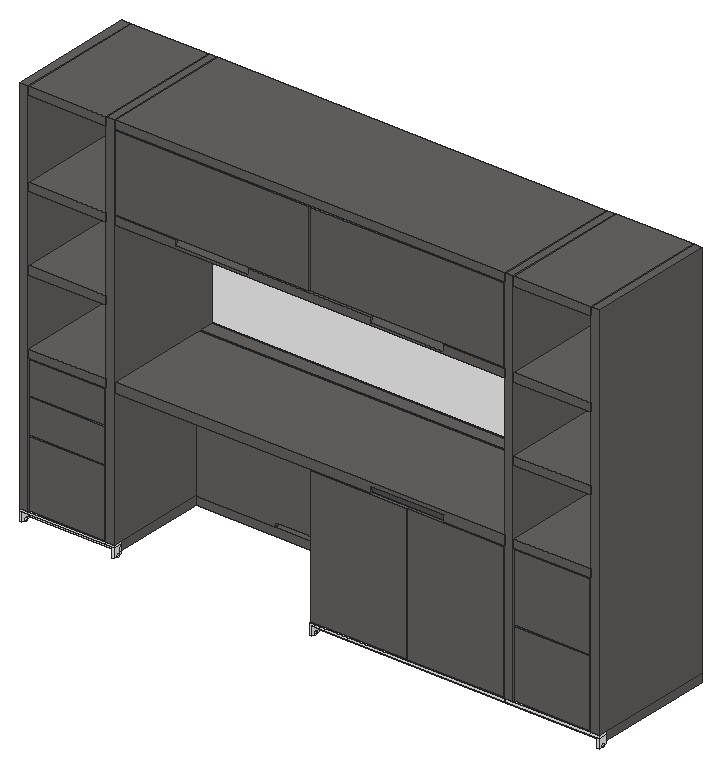
Revit family "Storage-Wall-Teknion-ZXOS_74_High_With_Lights-R2011", category Furniture Systems, Revit 2013
Parameters (values of type "(See Type Catalog)")
  Working Wall Finish [instance] = Glass - Teknion - K6 - White Backpainted
  Width = 108 105/128"
  Warranty = "http://www.teknionstudio.com/pdfs/Teknion%20Studio%20Warranty.pdf"
  Wall Unit Finish [instance] = Veneer - Teknion - P7 - Grey Oak
  Voltage = 120 V
  Unit Weight = 740.00 lbf
  URL = "www.teknionstudio.com"
  Tabletop Cutout Offset = if(Has Double Doors, 0", 4")  # 0"
  Right Storage Tower = Storage-Unit-Teknion-Tower : Upper Shelves & File/File Pedestal
  Left Storage Tower = Storage-Unit-Teknion-Tower : Upper Shelves & Box/Box/File Pedestal
  Series = "B&B Italia"
  Product Page URL = "http://www.teknionstudio.com/acexecutive/"
  Product Line = "AC Executive"
  Product Documentation Link = "http://www.teknionstudio.com/pricing/ac_executive_storage_walls_ppg.pdf"
  Power Factor = 1
  Part Number = "ZXOS"
  Number of Poles = 1
  Model = ""
  Manufacturer Phone = "919-464-2920"
  Manufacturer Fax = "919-464-2927"
  Manufacturer Email = "customersupport@teknionstudio.com"
  Manufacturer Address = "3940 US 70 Business HWY West, Clayton, NC 27520"
  Manufacturer = "Teknion Studio"  # constant formula
  Low Emitting Material = yes
  Low Emitting Finish = yes
  Height = 73.81394"
  Has File File Drawers = not(Has Double Doors)  # no
  Has Double Doors = yes
  Description = ""
  Depth = 24"
  Assembly Code = "E2020200"
  Apparent Load = 22.8 VA
Reference planes (in)
  plane 1 "Center F/B": y = 0
  plane 2: z = 0
  plane 3 "Back": y = 12
  plane 4 "Front": y = -12
  plane 5 "Top": z = 73.81394
  plane 6: x = 28.60504
  plane 7: z = 29.68402
  plane 8: z = 56.1289
  plane 9: x = -44.78207
  plane 10: z = 2.1289
  plane 11 "Center (L/R)": x = -8.08858
  plane 12 "Foot Centerline": y = -11.2126
  plane 13 "Tabletop Cutout": y = -12
  plane 14 "Foot Centerline Front": y = -10.22835
  plane 15 "Foot Centerline Back": y = 10.22835
  plane 16: y = -8.484
  plane 17 "Left": x = -62.49874
  plane 18 "Center": x = -16.17717
  plane 19 "Right": x = 46.32157
Forms (in)
  Sweep 1, solid, material "Metal - Teknion - C6 - Chrome"
    path origin (0, 0, 0) x (1, 0, 0) y (0, 0, 1)
      loop
        line (-8.08858, 0.05803) -> (-8.08858, 2.1289) -> (28.60504, 2.1289)
    profile origin (10.25823, 0, 2.1289) x (0, 0, 1) y (0, -1, 0)
      loop
        line (0, 12) -> (-0.394, 12) -> (-0.394, 10.4252) -> (0, 10.4252) -> (0, 12)
  Sweep 2, solid, material "Metal - Teknion - C6 - Chrome"
    path origin (0, 0, 0) x (1, 0, 0) y (0, 0, 1)
      loop
        line (-8.08858, 2.1289) -> (28.60504, 2.1289)
    profile origin (10.25823, 0, 2.1289) x (0, 0, 1) y (0, -1, 0)
      loop
        line (-0.394, 10.6222) -> (-1.5748, 10.6222) -> (-1.5748, 10.4252) -> (-0.394, 10.4252) -> (-0.394, 10.6222)
  Revolve 3, solid, material "Metal - Teknion - C6 - Chrome"
    sketch origin (0.39385, -11.2126, 0) x (0, 0, -1) y (1, 0, 0)
      loop
        line (-0.4911, -8.28543) -> (-0.4911, -8.62008) -> (-0.45173, -8.65945) -> (-0.28492, -8.65945) -> (-0.24555, -8.62008) -> (-0.20618, -8.65945) -> (-0.03937, -8.65945) -> (0, -8.62008) -> (0, -8.28543) -> (-0.4911, -8.28543)
      axis (0, -8.28543) -> (-0.4911, -8.28543)
    angle from 0 to 360
  Sweep 4, solid, material "Veneer - Teknion - P7 - Grey Oak" <- "Wall Unit Finish"
    path origin (0, 0, 0) x (1, 0, 0) y (0, 0, 1)
      loop
        line (-44.78207, 29.68402) -> (28.60504, 29.68402)
    profile origin (-8.08852, 0, 29.68402) x (0, 0, 1) y (0, -1, 0)
      loop
        line (0, 12) -> (-1.7638, 12) -> (-1.7638, -7.11393) -> (-5.30827, -7.11393) -> (-5.30827, -7.08268) -> (-27.55512, -7.08268) -> (-27.55512, -7.11393) -> (-29.0945, -7.11393) -> (-29.0945, -12) -> (-27.55512, -12) -> (-27.55512, -7.80668) -> (-5.30828, -7.80668) -> (-5.30828, -12) -> (44.12992, -12) -> (44.12992, 12) -> (42.59022, 12) -> (42.59022, 11.2126) -> (27.98392, 11.2126) -> (27.98392, 12) -> (26.44488, 12) -> (26.44488, -10.94094) -> (0, -10.94094) -> (0, -10.90969) -> (-0.72441, -10.90969) -> (-0.72441, -10.56693) -> (0, -10.56693) -> (0, -8.05709) -> (-0.72441, -8.05709) -> (-0.72441, -7.80709) -> (0, -7.80709) -> (0, 12)
  Sweep 5, solid, material "Veneer - Teknion - P7 - Grey Oak" <- "Wall Unit Finish"
    path origin (0, 0, 0) x (1, 0, 0) y (0, 0, 1)
      loop
        line (-8.08858, 29.68402) -> (28.60504, 29.68402)
    profile origin (10.25823, 0, 29.68402) x (0, 0, 1) y (0, -1, 0)
      loop
        line (-1.7638, 11.27559) -> (-27.55512, 11.27559) -> (-27.55512, 10.4252) -> (-29.0945, 10.4252) -> (-29.0945, -12) -> (-1.7638, -12) -> (-1.7638, 11.27559)
  Sweep 6, solid, material "Veneer - Teknion - P7 - Grey Oak" <- "Wall Unit Finish"
    path origin (0, 0, 15.40683) x (-1, 0, 0) y (0, -1, 0)
      loop
        line (16.17717, 12) -> (16.17717, 11.276)
    profile origin (-16.17717, -11.638, 15.40683) x (-1, 0, 0) y (0, 0, 1)
      loop
        line (28.35376, 42.5111) -> (28.35376, 56.6174) -> (-7.96416, 56.6174) -> (-7.96416, 42.5111) -> (28.35376, 42.5111)
      loop
        line (-8.21416, 56.6174) -> (-44.5322, 56.6174) -> (-44.5322, 42.5111) -> (-8.21416, 42.5111) -> (-8.21416, 56.6174)
  Sweep 7, solid, material "Veneer - Teknion - P7 - Grey Oak" <- "Wall Unit Finish", visible <- "Has Double Doors"
    path origin (0, 0, 15.40683) x (-1, 0, 0) y (0, -1, 0)
      loop
        line (16.17717, 12) -> (16.17717, 11.276)
    profile origin (-16.17717, -11.638, 15.40683) x (-1, 0, 0) y (0, 0, 1)
      loop
        line (-44.5315, 12.26339) -> (-44.5315, -13.03482) -> (-26.54031, -13.03482) -> (-26.54031, 12.26339) -> (-44.5315, 12.26339)
      loop
        line (-26.29031, 12.26339) -> (-26.29031, -13.03482) -> (-8.33858, -13.03482) -> (-8.33858, 12.26339) -> (-26.29031, 12.26339)
  Sweep 8, solid, material "Veneer - Teknion - P7 - Grey Oak" <- "Wall Unit Finish", visible <- "Has File File Drawers"
    path origin (0, 0, 15.40683) x (-1, 0, 0) y (0, -1, 0)
      loop
        line (16.17717, 12) -> (16.17717, 11.276)
    profile origin (-16.17717, -11.638, 15.40683) x (-1, 0, 0) y (0, 0, 1)
      loop
        line (-44.5315, 12.26339) -> (-44.5315, 0.01144) -> (-8.33858, 0.01144) -> (-8.33858, 12.26339) -> (-44.5315, 12.26339)
      loop
        line (-8.33858, -0.77597) -> (-44.5315, -0.77597) -> (-44.5315, -13.03482) -> (-8.33858, -13.03482) -> (-8.33858, -0.77597)
  Sweep 9, void
    path origin (0, 0, 0) x (1, 0, 0) y (0, 0, 1)
      loop
        line (3.34896, 29.68402) -> (17.12848, 29.68402)
    profile origin (10.23872, 0, 29.68402) x (0, 0, 1) y (0, -1, 0)
      loop
        line (-1.7638, 12) -> (-1.7638, 11.52756) -> (-0.66143, 12) -> (-1.7638, 12)
  Sweep 10, void
    path origin (0, 0, 0) x (1, 0, 0) y (0, 0, 1)
      loop
        line (-33.3248, 56.1289) -> (-19.54528, 56.1289)
    profile origin (-26.43504, 0, 56.1289) x (0, 0, 1) y (0, -1, 0)
      loop
        line (1.53937, 12) -> (0.43699, 12) -> (1.53937, 11.52755) -> (1.53937, 12)
  Sweep 11, void
    path origin (0, 0, 0) x (1, 0, 0) y (0, 0, 1)
      loop
        line (3.36811, 56.1289) -> (17.14764, 56.1289)
    profile origin (10.25787, 0, 56.1289) x (0, 0, 1) y (0, -1, 0)
      loop
        line (1.53937, 11.52755) -> (1.53937, 12) -> (0.43699, 12) -> (1.53937, 11.52755)
  Sweep 12, void
    path origin (0, 0, 15.40683) x (-1, 0, 0) y (0, -1, 0)
      loop
        line (0, -7.80668) -> (0, -7.08268)
    profile origin (0, 7.44468, 15.40683) x (1, 0, 0) y (0, 0, 1)
      loop
        line (-29.86024, 8.96892) -> (-29.86024, 8.10396)
        arc (-29.86024, 8.10396) -> (-29.62961, 7.54718) -> (-29.07283, 7.31655) r 0.7874
        line (-29.07283, 7.31655) -> (-23.75787, 7.31655)
        arc (-23.75787, 7.31655) -> (-23.2011, 7.54718) -> (-22.97047, 8.10396) r 0.7874
        line (-22.97047, 8.10396) -> (-22.97047, 8.96892) -> (-29.86024, 8.96892)
      loop
        line (-22.97047, -13.27793) -> (-22.97047, -13.12045)
        arc (-22.97047, -13.12045) -> (-23.18957, -12.59152) -> (-23.7185, -12.37242) r 0.74803
        line (-23.7185, -12.37242) -> (-29.1122, -12.37242)
        arc (-29.1122, -12.37242) -> (-29.64114, -12.59152) -> (-29.86024, -13.12045) r 0.74803
        line (-29.86024, -13.12045) -> (-29.86024, -13.27793) -> (-22.97047, -13.27793)
Cuts and joins
  joined: Sweep 1, Sweep 2, Revolve 3
  Sweep 9, Sweep 10, Sweep 11, Sweep 12 cuts Sweep 4
  joined: Sweep 4, Sweep 5
Lines and regions (in)
  Masking region 1
    outline origin (0, 0, 15.40683) x (-1, 0, 0) y (0, -1, 0)
      loop
        line (44.78207, -12) -> (44.78207, 12) -> (-28.60504, 12) -> (-28.60504, -12) -> (44.78207, -12)
  symbolic lines, style "Elevation Swing"
    curve 1: line (-44.78207, -12, 57.66827) -> (-26.43533, -12, 72.02424)
    curve 2: line (-8.08858, -12, 57.66832) -> (-26.43533, -12, 72.02424)
    curve 3: line (-8.08858, 0, 57.66832) -> (10.25823, 0, 72.19583)
    curve 4: line (10.25823, 0, 72.19583) -> (28.60504, 0, 57.66827)
  symbolic lines, style "Elevation Swing", visible <- "Has Double Doors"
    curve 5: line (10.11315, 0, 27.67022) -> (-7.83858, 0, 15.02111)
    curve 6: line (-7.83858, 0, 15.02111) -> (10.11315, 0, 2.37201)
    curve 7: line (10.36315, 0, 2.37201) -> (28.3549, 0, 15.02456)
    curve 8: line (28.3549, 0, 15.02456) -> (10.36315, 0, 27.67022)
  symbolic lines, detail levels medium+fine
    curve 9: line (-8.08858, 12, 15.40683) -> (-8.08858, -12, 15.40683)
  symbolic lines, style "FurnitureSystemsHiddenLines", detail levels fine
    curve 10: line (28.6049, -11.276, 15.40683) -> (-8.08858, -11.276, 15.40683)
    curve 15: line (28.6049, 12, 15.40683) -> (28.6049, -12, 15.40683)
  symbolic lines, visible <- "Has Double Doors"
    curve 11: arc (10.25823, -12, 15.40683) -> (15.63184, -24.97306, 15.40683) -> (28.6049, -30.34668, 15.40683) r 18.34668
    curve 12: line (-8.08858, -12, 15.40683) -> (-8.08858, -30.34681, 15.40683)
    curve 13: line (28.6049, -12, 15.40683) -> (28.6049, -30.34668, 15.40683)
    curve 14: arc (-8.08858, -30.34681, 15.40683) -> (4.88457, -24.97315, 15.40683) -> (10.25823, -12, 15.40683) r 18.34681
Dimensions and locks (in)
  equal spacing: plane 3 "Back", plane 1 "Center F/B", plane 4 "Front"
  "Depth": plane 3 "Back" to plane 4 "Front"
  "Height": plane 5 "Top" to plane 2
  locked: plane 7 to plane 2 at 29.68402
  locked: plane 8 to plane 7 at 26.44488
  locked: plane 10 to plane 2 at 2.1289
  locked: plane 10 to Sweep 2 sketch curve at 0.394
  locked: Sweep 2 sketch curve to Sweep 2 sketch curve at 1.1808
  plane 4 "Front" to Sweep 2 sketch curve to Sweep 2 sketch curve = 1.3778" locked, 0.197" locked
  locked: Revolve 3 sketch curve to plane 2 at 0.4911
  plane 11 "Center (L/R)" to Revolve 3 sketch curve = 0.17702"  (x2)
  Revolve 3 sketch curve to Revolve 3 sketch curve to Revolve 3 sketch curve to Revolve 3 sketch curve to Revolve 3 sketch curve to plane 2 = 0.16681" locked, 0.03937" locked, 0.03937" locked, 0.16681" locked, 0.03937" locked
  Revolve 3 sketch curve to plane 11 "Center (L/R)" = 0.197"
  locked: plane 4 "Front" to plane 12 "Foot Centerline" at 0.7874
  locked: plane 10 to Sweep 4 sketch curve at 1.53939
  locked: plane 7 to Sweep 4 sketch curve at 1.7638
  Sweep 5 sketch curve to Sweep 5 sketch curve to plane 3 "Back" = 23.27559", 0"
  locked: plane 7 to Sweep 5 sketch curve at 1.7638
  locked: plane 4 "Front" to Sweep 5 sketch curve at 1.5748
  locked: plane 4 "Front" to Sweep 6 sketch curve at 0.724
  plane 5 "Top" to Sweep 6 sketch curve to Sweep 6 sketch curve = 1.7897" locked, 14.1063" locked  (x2)
  Sweep 6 sketch curve to Sweep 6 sketch curve to Sweep 6 sketch curve to Sweep 6 sketch curve = 36.31805", 1/4", 36.31791"
  locked: plane 4 "Front" to Sweep 7 sketch curve at 0.724
  locked: plane 4 "Front" to Sweep 8 sketch curve at 0.724
  locked: Sweep 9 sketch curve to Sweep 9 sketch curve at 13.77953
  locked: plane 7 to Sweep 9 sketch curve at 1.7638
  locked: plane 13 "Tabletop Cutout" to Sweep 9 sketch curve at 0.47244
  "Tabletop Cutout Offset": plane 13 "Tabletop Cutout" to plane 4 "Front"
  locked: Sweep 10 sketch curve to Sweep 10 sketch curve at 13.77953
  locked: Sweep 10 sketch curve to plane 8 at 1.53937
  locked: Sweep 10 sketch curve to plane 8 at 0.43699
  locked: plane 4 "Front" to Sweep 10 sketch curve at 0.47245
  Sweep 11 sketch curve to Sweep 11 sketch curve to plane 8 = 1.10238" locked, 0.43699" locked
  locked: plane 4 "Front" to Sweep 11 sketch curve at 0.47245
  plane 3 "Back" to Sweep 12 sketch curve to Sweep 12 sketch curve = 4.19332" locked, 0.724" locked
  equal spacing: plane 11 "Center (L/R)", curve 2, plane 9
  equal spacing: plane 6, curve 4, plane 11 "Center (L/R)"
  locked: plane 4 "Front" to curve 10 at 0.724
  locked: plane 3 "Back" to plane 15 "Foot Centerline Back" at 1.77165
  locked: plane 4 "Front" to plane 14 "Foot Centerline Front" at 1.77165
  locked: plane 4 "Front" to plane 16 at 3.516
  locked: plane 17 "Left" to plane 9 at 17.71667
  locked: Sweep 7 sketch curve to Sweep 7 sketch curve at 25.29821  (x2)
  Sweep 7 sketch curve to Sweep 7 sketch curve to Sweep 7 sketch curve to Sweep 7 sketch curve = 17.95173" locked, 1/4" locked, 17.99118" locked
  Sweep 8 sketch curve to Sweep 8 sketch curve to Sweep 8 sketch curve to Sweep 8 sketch curve = 12.25195" locked, 0.7874" locked, 12.25886" locked
  locked: Sweep 8 sketch curve to Sweep 8 sketch curve at 36.19291  (x2)
  equal spacing: curve 12, curve 14, plane 6
  locked: Sweep 12 sketch curve to Sweep 12 sketch curve at 6.88976  (x2)
  locked: Sweep 12 sketch curve to Sweep 12 sketch curve at 1.65236
  locked: Sweep 1 sketch curve to plane 2 at 0.05803
  locked: plane 6 to Sweep 9 sketch curve at 11.47655
  locked: plane 11 "Center (L/R)" to Sweep 10 sketch curve at 11.45669
  Sweep 11 sketch curve to Sweep 11 sketch curve to plane 11 "Center (L/R)" = 13.77953" locked, 11.45669" locked
  locked: Sweep 12 sketch curve to plane 11 "Center (L/R)" at 14.88189
  locked: plane 11 "Center (L/R)" to Sweep 12 sketch curve at 14.88189
  locked: plane 11 "Center (L/R)" to Sweep 8 sketch curve at 0.25
  locked: Sweep 8 sketch curve to plane 11 "Center (L/R)" at 0.25
  locked: plane 7 to Sweep 8 sketch curve at 2.0138
  locked: Sweep 7 sketch curve to plane 11 "Center (L/R)" at 0.25
  locked: plane 7 to Sweep 7 sketch curve at 2.0138  (x2)
  locked: plane 18 "Center" to plane 11 "Center (L/R)" at 8.08858
  locked: Sweep 6 sketch curve to plane 6 at 0.25
  locked: Revolve 3 sketch curve to plane 11 "Center (L/R)" at 0.197
  locked: plane 6 to plane 19 "Right" at 17.71654
  "Width": plane 17 "Left" to plane 19 "Right"
  equal spacing: plane 17 "Left", plane 11 "Center (L/R)", plane 19 "Right"
  aligned and locked: level to plane 2
  aligned and locked: Sweep 1 sketch curve to plane 10  (x2)
  aligned and locked: Sweep 1 sketch curve to plane 4 "Front"
  aligned and locked: Sweep 2 sketch curve to plane 10
  aligned and locked: plane 2 to Revolve 3 sketch curve
  aligned and locked: Revolve 3 sketch curve to plane 2
  aligned and locked: plane 9 to Sweep 4 sketch curve
  aligned and locked: plane 6 to Sweep 4 sketch curve
  aligned and locked: Sweep 4 sketch curve to plane 7  (x4)
  aligned and locked: Sweep 4 sketch curve to plane 4 "Front"
  aligned and locked: plane 3 "Back" to Sweep 4 sketch curve  (x2)
  aligned and locked: Sweep 5 sketch curve to plane 7
  aligned and locked: plane 10 to Sweep 5 sketch curve
  aligned and locked: plane 4 "Front" to Sweep 6 sketch curve
  aligned and locked: Sweep 4 sketch curve to plane 8
  aligned and locked: plane 4 "Front" to Sweep 7 sketch curve
  aligned and locked: plane 4 "Front" to Sweep 8 sketch curve
  aligned and locked: Sweep 9 sketch curve to plane 7
  aligned and locked: plane 13 "Tabletop Cutout" to Sweep 9 sketch curve
  aligned and locked: Sweep 10 sketch curve to plane 8
  aligned and locked: Sweep 11 sketch curve to plane 8
  aligned and locked: Sweep 11 sketch curve to plane 4 "Front"
  aligned and locked: plane 9 to curve 1
  aligned and locked: plane 11 "Center (L/R)" to curve 2
  aligned and locked: Sweep 6 to curve 2
  aligned and locked: plane 6 to curve 4
  aligned and locked: Masking region 1 sketch curve to plane 3 "Back"
  aligned and locked: Masking region 1 sketch curve to plane 4 "Front"
  aligned and locked: plane 3 "Back" to curve 9
  aligned and locked: plane 4 "Front" to curve 9
  aligned and locked: plane 3 "Back" to curve 15
  aligned and locked: plane 4 "Front" to curve 15
  aligned and locked: plane 4 "Front" to Sweep 10 sketch curve
  aligned and locked: Sweep 4 sketch curve to plane 5 "Top"
  aligned and locked: plane 12 "Foot Centerline" to Sweep 4 sketch curve
  aligned and locked: plane 4 "Front" to Sweep 4 sketch curve  (x2)
  aligned and locked: plane 4 "Front" to curve 14
  aligned: plane 8 to nested 1
  aligned: plane 11 "Center (L/R)" to nested 1
  aligned and locked: nested 1 to plane 16
  aligned and locked: plane 8 to nested 1
  aligned and locked: plane 11 "Center (L/R)" to nested 1
  aligned and locked: Sweep 1 sketch curve to plane 11 "Center (L/R)"
  aligned and locked: plane 11 "Center (L/R)" to Sweep 2 sketch curve
  aligned and locked: plane 10 to Sweep 12 sketch curve
  aligned and locked: plane 9 to Masking region 1 sketch curve
  aligned and locked: Sweep 7 sketch curve to plane 18 "Center"
  aligned and locked: plane 1 "Center F/B" to Sweep 5 sketch curve
  aligned and locked: plane 11 "Center (L/R)" to Sweep 5 sketch curve
  aligned and locked: plane 6 to Sweep 5 sketch curve
  aligned and locked: Sweep 8 sketch curve to plane 18 "Center"
  aligned and locked: Sweep 6 sketch curve to plane 18 "Center"
  aligned and locked: nested 2 to plane 2
  aligned and locked: Sweep 7 to curve 7
  aligned and locked: curve 6 to Sweep 7
  aligned and locked: curve 8 to Sweep 7
  aligned and locked: Sweep 7 to curve 5
  aligned and locked: Sweep 7 to Sweep 7  (x3)
  aligned and locked: Sweep 7 to curve 6
  aligned and locked: curve 7 to Sweep 7
  aligned and locked: Sweep 7 to curve 8
  aligned and locked: Revolve 3 sketch curve to Revolve 3 sketch curve
  aligned and locked: plane 9 to nested 2
  aligned and locked: nested 2 to plane 1 "Center F/B"
  aligned and locked: Masking region 1 sketch curve to plane 6
  aligned and locked: plane 1 "Center F/B" to nested 3
  aligned and locked: nested 3 to plane 6
  aligned and locked: plane 2 to nested 3
  aligned and locked: plane 6 to Sweep 1 sketch curve
  aligned and locked: plane 6 to Sweep 2 sketch curve
  aligned and locked: plane 10 to Sweep 4 sketch curve
Automatic sketch dimensions
  curve 9 to plane 11 "Center (L/R)" = 0"
  curve 11 to plane 6 = 0.00013"
  curve 11 to curve 14 = 0"
  plane 8 to curve 2 = 1.53942"
  plane 8 to curve 1 = 1.53937"
  profile plane to Sweep 1 sketch curve = 0.394"
  Sweep 1 sketch curve to Sweep 1 sketch curve = 1.5748"
  Sweep 5 sketch curve to plane 11 "Center (L/R)" = 0"
  Sweep 5 sketch curve to plane 6 = 0"
  Sweep 5 sketch curve to Sweep 5 sketch curve = 1.53939"
  profile plane to Sweep 9 sketch curve = 0.66143"
  profile plane to Sweep 12 sketch curve = 8.96892"
  Sweep 12 sketch curve to Sweep 12 sketch curve = 0.74803"  (x2)
  Sweep 12 sketch curve to Sweep 12 sketch curve = 0.7874"  (x2)
  Sweep 12 sketch curve to Sweep 12 sketch curve = 0.15748"
  plane 11 "Center (L/R)" to Sweep 12 sketch curve = 8.08858"
  curve 3 to plane 11 "Center (L/R)" = 0"
  curve 8 to plane 6 = 0.25013"
  curve 8 to curve 5 = 0"
  plane 10 to curve 8 = 12.89566"
  plane 10 to curve 6 = 12.89222"
  plane 10 to curve 6 = 0.24311"
  plane 8 to curve 4 = 1.53937"
  plane 8 to curve 3 = 1.53942"
  curve 3 to plane 5 "Top" = 1.61811"
  Revolve 3 sketch curve to Revolve 3 sketch curve = 0.4777"
  Revolve 3 sketch curve to Revolve 3 sketch curve = 0.03937"  (x2)
  Sweep 4 sketch curve to Sweep 4 sketch curve = 0"  (x2)
  profile plane to Sweep 4 sketch curve = 5.30828"
  profile plane to Sweep 4 sketch curve = 0.72441"  (x2)
  Sweep 4 sketch curve to Sweep 4 sketch curve = 1.53904"
  Sweep 4 sketch curve to Sweep 4 sketch curve = 1.5397"
  Sweep 4 sketch curve to Sweep 4 sketch curve = 1.05906"
  Sweep 4 sketch curve to Sweep 4 sketch curve = 1/32"  (x2)
  Sweep 4 sketch curve to Sweep 4 sketch curve = 0.34277"
  Sweep 4 sketch curve to Sweep 4 sketch curve = 2.50984"
  Sweep 4 sketch curve to Sweep 4 sketch curve = 1/4"
  Sweep 4 sketch curve to Sweep 4 sketch curve = 4.19332"
  Sweep 4 sketch curve to Sweep 4 sketch curve = 4.88607"
  Sweep 4 sketch curve to Sweep 4 sketch curve = 0.69316"
Nested families (in)
  nested 1: "Lighting-Teknion-Storage_Wall" at (-8.08858, 0.12401, 56.1289), type "Linear Lighting"
  nested 2: "Storage-Unit-Teknion-Tower" at (-53.64034, 0, 0) x (-1, 0, 0) z (0, 0, 1), type <- "Left Storage Tower", Height <- "Height", type "Upper Shelves & Box/Box/File Pedestal"
    with Height 73.81394", Has Top Shelf no, Has Right Leg yes, Has Left Leg yes, Bottom Drawer Height 13.047"
  nested 3: "Storage-Unit-Teknion-Tower" at (37.46331, 0, 0), type <- "Right Storage Tower", Height <- "Height", type "Upper Shelves & File/File Pedestal"
    with Height 73.81394", Has Top Shelf no, Has Right Leg yes, Has Left Leg no, Bottom Drawer Height 13.047"
Connectors (in)
  electrical at (-17.26192, 12, 25.22702), driven by "Number of Poles", driven by "Voltage", driven by "Apparent Load", driven by "Power Factor"
    settings: on cut or joined group of Sweep 4, Sweep 5, Sweep 9, Sweep 10, Sweep 11, Sweep 12, index 1, voltage 120 V, apparent load 0 VA, apparent load phase1 22.8 VA, apparent load phase2 0 VA, apparent load phase3 0 VA, power factor 1, load classification "Other", number of poles 1, system type 31, power factor state 1, is connector primary yes, connector utility no, sub classification motor no, connector description "Electrical Connector"
Definition of nested family "Lighting-Teknion-Storage_Wall"
  Parameters (values of type "Lighting-Teknion-Storage_Wall")
    Wattage = 4.03926 W
    built-in parameter 1150110 = 1 (stored number, unit not read)
    built-in parameter 1114217 = 1 (stored number, unit not read)
    built-in parameter 1150109 = 1 (stored number, unit not read)
    built-in parameter 1150134 = 1
    built-in parameter 1150113 = 1 (stored number, unit not read)
    Offset From Reference Level = 0"
    Lumens = 600 lm
    built-in parameter 1150115 = 1 (stored number, unit not read)
    built-in parameter 1150105 = 190.99 (stored number, unit not read)
    Light Source Symbol Size = 3"
    built-in parameter 1150137 = (empty or 0)
    built-in parameter 1150139 = (empty or 0)
    built-in parameter 1150112 = 1 (stored number, unit not read)
    built-in parameter 1150114 = 1 (stored number, unit not read)
    built-in parameter 1150132 = 2
    built-in parameter 1150102 = (empty or 0)
    built-in parameter 1150138 = (empty or 0)
    built-in parameter 1150107 = 6500 (stored number, unit not read)
    built-in parameter 1150106 = 1.9099 (stored number, unit not read)
    Emit from Line Length = 68"
    built-in parameter 1150104 = 13.8 (stored number, unit not read)
    Dimming Lamp Color Temperature Shift = 1
    Default Elevation = 48"
    Color Filter = 16776172
    built-in parameter 1114218 = 1 (stored number, unit not read)
    built-in parameter 1150133 = 10 (stored number, unit not read)
    Assembly Code = ""
  Reference planes (in)
    plane 1 "Light Source Axis (F/B)": y = -8.60801
    plane 2: z = 0
    plane 3 "Light Source Axis (L/R)": x = 0
    plane 4 "Light Source Elevation": z = 0
    plane 5: z = 0
    plane 6: x = -36.6875
    plane 7: x = 36.6875
  Forms (in)
    Sweep 1, solid, material "Glass - Teknion - CL - Clear"
      path origin (0, 0, 0) x (1, 0, 0) y (0, 1, 0)
        loop
          line (-36.6875, -8.60801) -> (36.6875, -8.60801)
      profile origin (0, -8.60801, 0) x (0, 1, 0) y (0, 0, 1)
        loop
          line (-0.51562, 0) -> (-0.51562, -0.40625) -> (0.51563, -0.40625) -> (0.51563, 0) -> (-0.51562, 0)
  Dimensions and locks (in)
    equal spacing: plane 7, plane 3 "Light Source Axis (L/R)", plane 6
    locked: plane 7 to plane 6 at 73.375
    locked: plane 5 to Sweep 1 sketch curve at 0.40625
    equal spacing: Sweep 1 sketch curve, plane 1 "Light Source Axis (F/B)", Sweep 1 sketch curve
    locked: Sweep 1 sketch curve to Sweep 1 sketch curve at 1.03125
    aligned and locked: plane 3 "Light Source Axis (L/R)" to imposter light
    aligned and locked: plane 1 "Light Source Axis (F/B)" to imposter light
    aligned and locked: plane 4 "Light Source Elevation" to imposter light
    aligned and locked: level to plane 5
    aligned and locked: plane 5 to plane 2
    aligned and locked: plane 6 to Sweep 1 sketch curve
    aligned and locked: plane 7 to Sweep 1 sketch curve
    aligned and locked: plane 1 "Light Source Axis (F/B)" to Sweep 1 sketch curve
    aligned and locked: Sweep 1 sketch curve to profile plane
Definition of nested family "Storage-Unit-Teknion-Tower"
  Parameters (values of type "Upper Wardrobe & Lower Door")
    Width = 17.71654"
    Warranty = "http://www.teknionstudio.com/pdfs/Teknion%20Studio%20Warranty.pdf"
    Wall Unit Finish = Veneer - Teknion - P8 - Light Brushed Oak
    URL = "www.teknionstudio.com"
    Series = "B&B Italia"  # constant formula
    Product Line = "AC Executive"  # constant formula
    Model = ""
    Middle Drawer Height = if(Has Top Drawer, 6.425", 12.719")  # 12.719"
    Manufacturer Phone = "919-464-2920"
    Manufacturer Fax = "919-464-2927"
    Manufacturer Email = "customersupport@teknionstudio.com"
    Manufacturer Address = "3940 US 70 Business HWY West, Clayton, NC 27520"
    Manufacturer = "Teknion Studio"  # constant formula
    Height [instance] = 73.81394"
    Has Top Shelf [instance] = and(Height > 75", Has Shelves)  # no
    Has Top Drawer = no
    Has Top Door = yes
    Has Shelves = no
    Has Right Leg [instance] = yes
    Has Middle Drawer = no
    Has Lower Shelf = yes
    Has Left Leg [instance] = no
    Has Full Wardrobe Door = no
    Has Doors = yes
    Door Projection Symbol = yes
    Description = "Tower Storage Unit"
    Depth = 24"
    Bottom Drawer Height [instance] = if(Has Middle Drawer, 13.047", if(Has Top Drawer, 13.047", if(Has Full Wardrobe Door, (Height - 3.668"), 26.016")))  # 26.016"
    Assembly Code = "E2010200"
  Types (7): name | Middle Drawer Height | Has Top Drawer | Has Top Door | Has Shelves | Has Middle Drawer | Has Lower Shelf | Has Full Wardrobe Door | Has Doors | Door Projection Symbol | Bottom Drawer Height
    Upper Shelves & Lower Door | 12.719" | no | no | yes | no | yes | no | yes | yes | 26.016"
    Upper Shelves & File/File Pedestal | 12.719" | no | no | yes | yes | yes | no | no | no | 13.047"
    Upper Shelves & Box/Box/File Pedestal | 6.425" | yes | no | yes | yes | yes | yes | no | no | 13.047"
    Full Wardrobe | 12.719" | no | no | no | no | no | yes | yes | yes | 70.14594"
    Upper Wardrobe & Lower Door | 12.719" | no | yes | no | no | yes | no | yes | yes | 26.016"
    Upper Wardrobe & File/File Pedestal | 12.719" | no | yes | no | yes | yes | no | no | yes | 13.047"
    Upper Wardrobe & Box/Box/File Pedestal | 6.425" | yes | yes | no | yes | yes | no | no | yes | 13.047"
  Reference planes (in)
    plane 1 "Center F/B": y = 0
    plane 2: z = 0
    plane 3 "Center L/R": x = 0
    plane 4 "Left": x = -8.85827
    plane 5 "Right": x = 8.85827
    plane 6 "Back": y = 12
    plane 7 "Front": y = -12
    plane 8 "Top": z = 73.81394
    plane 9: x = -7.3189
    plane 10: x = 7.3189
    plane 11: z = 2.1289
    plane 12 "Foot Centerline": y = -11.2126
    plane 13: z = 29.68402
    plane 14 "Drawer 1 Top": z = 28.1449
    plane 15 "Drawer 2 Top": z = 40.8639
    plane 16 "Drawer 3 Top": z = 27.89502
    plane 17: z = 42.13677
  Forms (in)
    Sweep 1, solid, material "Metal - Teknion - C6 - Chrome", visible <- "Has Left Leg"
      path origin (0, -12, 0) x (1, 0, 0) y (0, 0, 1)
        loop
          line (-8.85827, 1.7349) -> (-8.85827, 0.05803)
      profile origin (-8.85827, -12, 0.89646) x (0, -1, 0) y (1, 0, 0)
        loop
          line (-1.5748, 0) -> (0, 0) -> (0, 0.394) -> (-1.5748, 0.394) -> (-1.5748, 0)
    Sweep 2, solid, material "Metal - Teknion - C6 - Chrome"
      path origin (0, -12, 0) x (1, 0, 0) y (0, 0, 1)
        loop
          line (-8.85827, 2.1289) -> (8.46427, 2.1289)
      profile origin (-0.197, -12, 2.1289) x (0, 0, 1) y (0, -1, 0)
        loop
          line (-0.394, -1.5748) -> (-0.394, -1.3778) -> (-1.575, -1.3778) -> (-1.575, -1.5748) -> (-0.394, -1.5748)
    Revolve 3, solid, material "Metal - Teknion - C6 - Chrome"
      sketch origin (0, -11.2126, 0) x (0, 0, -1) y (1, 0, 0)
        loop
          line (-0.4911, 8.32677) -> (-0.45173, 8.2874) -> (-0.28492, 8.2874) -> (-0.24555, 8.32677) -> (-0.20618, 8.2874) -> (-0.03937, 8.2874) -> (0, 8.32677) -> (0, 8.66142) -> (-0.4911, 8.66142) -> (-0.4911, 8.32677)
        axis (0, 8.66142) -> (-0.4911, 8.66142)
      angle from 0 to 360
    Revolve 4, solid, material "Metal - Teknion - C6 - Chrome", visible <- "Has Left Leg"
      sketch origin (0, -11.2126, 0) x (0, 0, -1) y (1, 0, 0)
        loop
          line (0, -8.99606) -> (0, -8.66142) -> (-0.4911, -8.66142) -> (-0.4911, -8.99606) -> (-0.45173, -9.03543) -> (-0.28492, -9.03543) -> (-0.24555, -8.99606) -> (-0.20618, -9.03543) -> (-0.03937, -9.03543) -> (0, -8.99606)
        axis (0, -8.66142) -> (-0.4911, -8.66142)
      angle from 0 to 360
    Sweep 5, solid, material "Veneer - Teknion - P8 - Light Brushed Oak" <- "Wall Unit Finish"
      path origin (0, 0, 0) x (1, 0, 0) y (0, 0, 1)
        loop
          line (0, 2.1289) -> (0, 73.81394)
      profile origin (0, 0, 37.97142) x (-1, 0, 0) y (0, -1, 0)
        loop
          line (8.85827, -12) -> (8.85827, 12) -> (7.3189, 12) -> (7.3189, -12) -> (8.85827, -12)
        loop
          line (-7.3189, 12) -> (-8.85827, 12) -> (-8.85827, -12) -> (-7.3189, -12) -> (-7.3189, 12)
    Sweep 6, solid, material "Veneer - Teknion - P8 - Light Brushed Oak" <- "Wall Unit Finish"
      path origin (0, 0, 15.40683) x (-1, 0, 0) y (0, -1, 0)
        loop
          line (0, -12) -> (0, 12)
      profile origin (0, 0, 15.40683) x (1, 0, 0) y (0, 0, 1)
        loop
          line (-7.3189, 58.4071) -> (-7.3189, 56.86773) -> (7.3189, 56.86773) -> (7.3189, 58.4071) -> (-7.3189, 58.4071)
    Sweep 7, solid, material "Veneer - Teknion - P8 - Light Brushed Oak" <- "Wall Unit Finish"
      path origin (0, -12, 0) x (1, 0, 0) y (0, 0, 1)
        loop
          line (0, 2.1289) -> (0, 72.27457)
      profile origin (0, -12, 37.20173) x (-1, 0, 0) y (0, -1, 0)
        loop
          line (7.3189, -24) -> (7.3189, -23.25) -> (-7.3189, -23.25) -> (-7.3189, -24) -> (7.3189, -24)
    Sweep 8, solid, material "Veneer - Teknion - P8 - Light Brushed Oak" <- "Wall Unit Finish", visible <- "Has Lower Shelf"
      path origin (0, -12, 0) x (1, 0, 0) y (0, 0, 1)
        loop
          line (-7.3189, 29.68402) -> (7.3189, 29.68402)
      profile origin (0, -12, 29.68402) x (0, 0, 1) y (0, -1, 0)
        loop
          line (0, 0) -> (-1.539, 0) -> (-1.539, -0.724) -> (-27.55512, -0.724) -> (-27.55512, -23.25) -> (0, -23.25) -> (0, 0)
    Sweep 9, solid, material "Veneer - Teknion - P8 - Light Brushed Oak" <- "Wall Unit Finish"
      path origin (0, -12, 0) x (1, 0, 0) y (0, 0, 1)
        loop
          line (0, 2.3789) -> (0, 27.8949)
      profile origin (0, -12, 15.1369) x (-1, 0, 0) y (0, -1, 0)
        loop
          line (7.0689, -0.724) -> (7.0689, 0) -> (-7.0689, 0) -> (-7.0689, -0.724) -> (7.0689, -0.724)
    Sweep 10, solid, material "Veneer - Teknion - P8 - Light Brushed Oak" <- "Wall Unit Finish", visible <- "Has Middle Drawer"
      path origin (0, -12, 0) x (1, 0, 0) y (0, 0, 1)
        loop
          line (0, 28.1449) -> (0, 40.8639)
      profile origin (0, -12, 34.5044) x (-1, 0, 0) y (0, -1, 0)
        loop
          line (7.0689, -0.724) -> (7.0689, 0) -> (-7.0689, 0) -> (-7.0689, -0.724) -> (7.0689, -0.724)
    Sweep 11, solid, material "Veneer - Teknion - P8 - Light Brushed Oak" <- "Wall Unit Finish", visible <- "Has Top Drawer"
      path origin (0, -12, 0) x (1, 0, 0) y (0, 0, 1)
        loop
          line (0, 47.15802) -> (0, 41.1139)
      profile origin (0, -12, 44.13596) x (0, -1, 0) y (1, 0, 0)
        loop
          line (0, 7.0689) -> (-0.724, 7.0689) -> (-0.724, -7.0689) -> (0, -7.0689) -> (0, 7.0689)
    Sweep 12, solid, material "Veneer - Teknion - P8 - Light Brushed Oak" <- "Wall Unit Finish", visible <- "Has Shelves"
      path origin (0, -12, 0) x (1, 0, 0) y (0, 0, 1)
        loop
          line (0, 42.13677) -> (0, 43.67614)
      profile origin (0, -12, 42.90646) x (-1, 0, 0) y (0, -1, 0)
        loop
          line (7.3189, -23.25) -> (7.3189, 0) -> (-7.3189, 0) -> (-7.3189, -23.25) -> (7.3189, -23.25)
    Sweep 13, solid, material "Veneer - Teknion - P8 - Light Brushed Oak" <- "Wall Unit Finish", visible <- "Has Shelves"
      path origin (0, -12, 13.9918) x (1, 0, 0) y (0, 0, 1)
        loop
          line (0, 42.13677) -> (0, 43.67614)
      profile origin (0, -12, 56.89825) x (-1, 0, 0) y (0, -1, 0)
        loop
          line (7.3189, -23.25) -> (7.3189, 0) -> (-7.3189, 0) -> (-7.3189, -23.25) -> (7.3189, -23.25)
    Sweep 14, solid, material "Veneer - Teknion - P8 - Light Brushed Oak" <- "Wall Unit Finish", visible <- "Has Top Door"
      path origin (0, -12, 0) x (1, 0, 0) y (0, 0, 1)
        loop
          line (0, 29.93402) -> (0, 72.02457)
      profile origin (0, -12, 50.97929) x (-1, 0, 0) y (0, -1, 0)
        loop
          line (7.0689, -0.724) -> (7.0689, 0) -> (-7.0689, 0) -> (-7.0689, -0.724) -> (7.0689, -0.724)
    Sweep 15, solid, material "Veneer - Teknion - P8 - Light Brushed Oak" <- "Wall Unit Finish"
      path origin (0, -12, 0) x (1, 0, 0) y (0, 0, 1)
        loop
          line (-8.85827, 2.1289) -> (8.85827, 2.1289)
      profile origin (0, -12, 2.1289) x (0, 0, 1) y (0, -1, 0)
        loop
          line (0, -1.5748) -> (-1.53937, -1.5748) -> (-1.53937, -24) -> (0, -24) -> (0, -1.5748)
    Sweep 16, solid, material "Veneer - Teknion - P8 - Light Brushed Oak" <- "Wall Unit Finish", visible <- "Has Top Shelf"
      path origin (0, 0, 0) x (1, 0, 0) y (0, 0, 1)
        loop
          line (0, 73.81394) -> (0, 72.27457)
      profile origin (0, 0, 73.04425) x (0, -1, 0) y (1, 0, 0)
        loop
          line (-11.25, -7.3189) -> (12, -7.3189) -> (12, 7.3189) -> (-11.25, 7.3189) -> (-11.25, -7.3189)
    Sweep 17, solid, material "Metal - Teknion - C6 - Chrome"
      path origin (0, 0, 0) x (1, 0, 0) y (0, 0, 1)
        loop
          line (-8.85827, 2.1289) -> (8.85827, 2.1289)
      profile origin (0, 0, 2.1289) x (0, 0, 1) y (0, -1, 0)
        loop
          line (0, 10.4252) -> (0, 12) -> (-0.394, 12) -> (-0.394, 10.4252) -> (0, 10.4252)
    Sweep 18, solid, material "Metal - Teknion - C6 - Chrome"
      path origin (0, 0, 0) x (1, 0, 0) y (0, 0, 1)
        loop
          line (8.85827, 1.7349) -> (8.85827, 0.05803)
      profile origin (8.85827, 0, 0.89646) x (0, -1, 0) y (1, 0, 0)
        loop
          line (10.4252, -0.394) -> (12, -0.394) -> (12, 0) -> (10.4252, 0) -> (10.4252, -0.394)
  Lines and regions (in)
    Masking region 1
      outline origin (0, 0, 15.40683) x (-1, 0, 0) y (0, -1, 0)
        loop
          line (8.85827, -12) -> (8.85827, 12) -> (-8.85827, 12) -> (-8.85827, -12) -> (8.85827, -12)
    symbolic lines, style "FurnitureSystems", detail levels medium+fine
      curve 1: line (-7.3189, 12, 15.40683) -> (-7.3189, -12, 15.40683)
      curve 2: line (7.3189, 12, 15.40683) -> (7.3189, -12, 15.40683)
    symbolic lines, style "FurnitureSystemsHiddenLines", detail levels fine
      curve 3: line (-7.3189, -11.276, 15.40683) -> (7.3189, -11.276, 15.40683)
    symbolic lines, style "Elevation Swing", visible <- "Has Doors"
      curve 4: line (-7.3189, -12, 2.1289) -> (7.3189, -12, 15.1369)
      curve 5: line (7.3189, -12, 15.1369) -> (-7.3189, -12, 28.1449)
    symbolic lines, style "Elevation Swing", visible <- "Has Top Door"
      curve 6: line (-7.3189, -12, 29.68402) -> (7.3189, -12, 50.97929)
      curve 7: line (7.3189, -12, 50.97929) -> (-7.3189, -12, 72.27457)
    symbolic lines, style "FurnitureSystems", visible <- "Door Projection Symbol"
      curve 8: arc (-7.3189, -12, 0) -> (-3.03159, -22.35048, 0) -> (7.3189, -26.6378, 0) r 14.6378
    symbolic lines, visible <- "Door Projection Symbol"
      curve 9: line (7.3189, -12, 15.40683) -> (7.3189, -26.6378, 15.40683)
  Dimensions and locks (in)
    equal spacing: plane 4 "Left", plane 3 "Center L/R", plane 5 "Right"
    "Width": plane 4 "Left" to plane 5 "Right"
    equal spacing: plane 6 "Back", plane 1 "Center F/B", plane 7 "Front"
    "Depth": plane 6 "Back" to plane 7 "Front"
    locked: plane 4 "Left" to plane 9 at 1.53937
    locked: plane 10 to plane 5 "Right" at 1.53937
    "Height": plane 8 "Top" to level
    locked: Sweep 1 sketch curve to level at 0.05803
    locked: plane 11 to plane 2 at 2.1289
    plane 11 to Sweep 2 sketch curve to Sweep 2 sketch curve = 0.394" locked, 1.181" locked
    plane 7 "Front" to Sweep 2 sketch curve to Sweep 2 sketch curve = 1.3778" locked, 0.197" locked
    locked: Revolve 3 sketch curve to plane 2 at 0.4911  (x2)
    locked: plane 5 "Right" to Revolve 3 sketch curve at 0.57087
    locked: plane 7 "Front" to plane 12 "Foot Centerline" at 0.7874
    Revolve 3 sketch curve to Revolve 3 sketch curve to Revolve 3 sketch curve to Revolve 3 sketch curve to plane 2 = 0.16681" locked, 0.07874" locked, 0.16681" locked, 0.03937" locked
    locked: Revolve 4 sketch curve to plane 2 at 0.4911  (x2)
    locked: Revolve 4 sketch curve to Revolve 4 sketch curve at 0.37402
    Revolve 4 sketch curve to Revolve 4 sketch curve to Revolve 4 sketch curve to Revolve 4 sketch curve to plane 2 = 0.16681" locked, 0.07874" locked, 0.16681" locked, 0.03937" locked
    locked: Revolve 4 sketch curve to plane 4 "Left" at 0.19685
    locked: plane 8 "Top" to Sweep 6 sketch curve at 1.53937
    locked: plane 8 "Top" to Sweep 7 sketch curve at 1.53937
    locked: plane 6 "Back" to Sweep 7 sketch curve at 0.75
    locked: plane 13 to plane 2 at 29.68402
    locked: plane 7 "Front" to Sweep 8 sketch curve at 0.724
    locked: plane 13 to Sweep 8 sketch curve at 1.539
    locked: plane 13 to plane 16 "Drawer 3 Top" at 1.789
    "Bottom Drawer Height": plane 14 "Drawer 1 Top" to plane 11
    "Middle Drawer Height": plane 15 "Drawer 2 Top" to plane 14 "Drawer 1 Top"
    locked: plane 14 "Drawer 1 Top" to Sweep 9 sketch curve at 0.25
    locked: plane 7 "Front" to Sweep 9 sketch curve at 0.724
    locked: Sweep 10 sketch curve to plane 12 "Foot Centerline" at 0.0634
    locked: plane 7 "Front" to Sweep 11 sketch curve at 0.724
    locked: plane 17 to plane 13 at 12.45276
    group 1 to group 2 = 0"  (x2)
    group 1 to group 2 = 13.9918"
    locked: Sweep 13 to plane 17 at 13.9918
    locked: plane 8 "Top" to Sweep 14 sketch curve at 1.78937
    locked: Sweep 14 sketch curve to plane 13 at 0.25
    locked: plane 7 "Front" to Sweep 14 sketch curve at 0.724
    locked: plane 11 to Sweep 15 sketch curve at 1.53937
    locked: plane 7 "Front" to Sweep 15 sketch curve at 1.5748
    equal spacing: Sweep 6, curve 7, plane 13
    equal spacing: plane 14 "Drawer 1 Top", curve 5, plane 11
    locked: plane 6 "Back" to Sweep 16 sketch curve at 0.75
    Sweep 16 sketch curve to Sweep 16 sketch curve to plane 2 = 1.53937" locked, 72.27457" locked
    locked: Sweep 9 sketch curve to plane 11 at 0.25
    locked: plane 9 to Sweep 9 sketch curve at 0.25
    locked: Sweep 9 sketch curve to plane 10 at 0.25
    locked: Sweep 11 sketch curve to plane 15 "Drawer 2 Top" at 0.25
    locked: plane 9 to Sweep 11 sketch curve at 0.25
    locked: Sweep 11 sketch curve to plane 10 at 0.25
    locked: Sweep 10 sketch curve to plane 10 at 0.25
    locked: plane 9 to Sweep 10 sketch curve at 0.25
    locked: Sweep 11 sketch curve to Sweep 11 sketch curve at 6.04412
    locked: Sweep 14 sketch curve to plane 10 at 0.25
    locked: plane 9 to Sweep 14 sketch curve at 0.25
    locked: plane 4 "Left" to Sweep 1 sketch curve at 0.394
    locked: plane 7 "Front" to Sweep 1 sketch curve at 1.5748
    locked: plane 11 to Sweep 1 sketch curve at 0.394
    locked: Sweep 17 sketch curve to plane 7 "Front" at 1.5748
    locked: plane 11 to Sweep 17 sketch curve at 0.394
    locked: Sweep 18 sketch curve to plane 2 at 0.05803
    locked: Sweep 18 sketch curve to plane 5 "Right" at 0.394
    locked: plane 7 "Front" to Sweep 18 sketch curve at 1.5748
    locked: plane 11 to Sweep 18 sketch curve at 0.394
    locked: plane 5 "Right" to Sweep 2 sketch curve at 0.394
    aligned and locked: level to plane 2
    aligned and locked: Sweep 1 sketch curve to plane 4 "Left"
    aligned and locked: Sweep 2 sketch curve to plane 11
    aligned and locked: plane 2 to Revolve 3 sketch curve
    aligned and locked: Revolve 3 sketch curve to plane 2
    aligned and locked: plane 2 to Revolve 4 sketch curve
    aligned and locked: Revolve 4 sketch curve to plane 2
    aligned and locked: plane 8 "Top" to Sweep 5 sketch curve
    aligned and locked: plane 11 to Sweep 5 sketch curve
    aligned and locked: plane 3 "Center L/R" to Sweep 5 sketch curve
    aligned and locked: Sweep 5 sketch curve to plane 6 "Back"
    aligned and locked: plane 6 "Back" to Sweep 5 sketch curve
    aligned and locked: Sweep 5 sketch curve to plane 10
    aligned and locked: plane 5 "Right" to Sweep 5 sketch curve
    aligned and locked: Sweep 5 sketch curve to plane 9
    aligned and locked: plane 4 "Left" to Sweep 5 sketch curve
    aligned and locked: Sweep 5 sketch curve to plane 7 "Front"
    aligned and locked: plane 7 "Front" to Sweep 5 sketch curve
    aligned and locked: plane 6 "Back" to Sweep 6 sketch curve
    aligned and locked: plane 7 "Front" to Sweep 6 sketch curve
    aligned and locked: Sweep 6 sketch curve to plane 3 "Center L/R"
    aligned and locked: plane 9 to Sweep 6 sketch curve
    aligned and locked: Sweep 6 sketch curve to plane 8 "Top"
    aligned and locked: Sweep 6 sketch curve to plane 10
    aligned and locked: plane 11 to Sweep 7 sketch curve
    aligned and locked: plane 3 "Center L/R" to Sweep 7 sketch curve
    aligned and locked: plane 9 to Sweep 7 sketch curve
    aligned and locked: Sweep 7 sketch curve to plane 10
    aligned and locked: Sweep 7 sketch curve to plane 6 "Back"
    aligned and locked: plane 9 to Sweep 8 sketch curve
    aligned and locked: plane 10 to Sweep 8 sketch curve
    aligned and locked: Sweep 8 sketch curve to plane 13  (x2)
    aligned and locked: plane 7 "Front" to Sweep 8 sketch curve
    aligned and locked: Sweep 8 sketch curve to plane 11
    aligned and locked: plane 3 "Center L/R" to Sweep 9 sketch curve
    aligned and locked: Sweep 9 sketch curve to plane 7 "Front"
    aligned and locked: plane 15 "Drawer 2 Top" to Sweep 10 sketch curve
    aligned and locked: plane 14 "Drawer 1 Top" to Sweep 10 sketch curve
    aligned and locked: plane 3 "Center L/R" to Sweep 10 sketch curve
    aligned and locked: plane 7 "Front" to Sweep 10 sketch curve
    aligned and locked: Sweep 11 sketch curve to plane 3 "Center L/R"
    aligned and locked: Sweep 11 sketch curve to plane 7 "Front"
    aligned and locked: Sweep 13 to plane 9
    aligned and locked: plane 3 "Center L/R" to Sweep 14 sketch curve
    aligned and locked: Sweep 14 sketch curve to plane 7 "Front"
    aligned and locked: plane 4 "Left" to Sweep 15 sketch curve
    aligned and locked: plane 5 "Right" to Sweep 15 sketch curve
    aligned and locked: Sweep 15 sketch curve to plane 11  (x2)
    aligned and locked: Sweep 15 sketch curve to plane 6 "Back"
    aligned and locked: plane 4 "Left" to Masking region 1 sketch curve
    aligned and locked: Masking region 1 sketch curve to plane 6 "Back"
    aligned and locked: Masking region 1 sketch curve to plane 5 "Right"
    aligned and locked: Masking region 1 sketch curve to plane 7 "Front"
    aligned and locked: plane 6 "Back" to curve 1
    aligned and locked: curve 1 to plane 9
    aligned and locked: plane 7 "Front" to curve 2
    aligned and locked: plane 6 "Back" to curve 2
    aligned and locked: curve 2 to plane 10
    aligned and locked: plane 9 to curve 3
    aligned and locked: plane 10 to curve 3
    aligned and locked: curve 3 to Sweep 14
    aligned and locked: plane 11 to curve 4
    aligned and locked: plane 9 to curve 4
    aligned and locked: plane 10 to curve 5
    aligned and locked: plane 9 to curve 5
    aligned and locked: plane 14 "Drawer 1 Top" to curve 5
    aligned and locked: plane 13 to curve 6
    aligned and locked: plane 9 to curve 6
    aligned and locked: plane 9 to curve 7
    aligned and locked: curve 7 to Sweep 6
    aligned and locked: plane 7 "Front" to curve 8
    aligned and locked: curve 8 to plane 10
    aligned and locked: Sweep 16 sketch curve to plane 3 "Center L/R"
    aligned and locked: plane 9 to Sweep 16 sketch curve
    aligned and locked: Sweep 16 sketch curve to plane 10
    aligned and locked: Sweep 16 sketch curve to plane 7 "Front"
    aligned and locked: plane 4 "Left" to Sweep 17 sketch curve
    aligned and locked: plane 5 "Right" to Sweep 17 sketch curve
    aligned and locked: Sweep 17 sketch curve to plane 11  (x2)
    aligned and locked: Sweep 17 sketch curve to plane 7 "Front"
    aligned and locked: Sweep 18 sketch curve to plane 5 "Right"  (x2)
    aligned and locked: Sweep 18 sketch curve to plane 7 "Front"
    aligned and locked: plane 4 "Left" to Sweep 2 sketch curve
  Automatic sketch dimensions
    Revolve 3 sketch curve to Revolve 3 sketch curve = 0.03937"  (x3)
    Revolve 3 sketch curve to Revolve 3 sketch curve = 0"  (x2)
    Revolve 3 sketch curve to plane 5 "Right" = 0.19685"
    Revolve 4 sketch curve to Revolve 4 sketch curve = 0.03937"  (x3)
    Revolve 4 sketch curve to Revolve 4 sketch curve = 0"  (x2)
    Sweep 12 sketch curve to Sweep 12 sketch curve = 1.53937"
    profile plane to Sweep 12 sketch curve = 0"
    profile plane to Sweep 12 sketch curve = 7.3189"
    Sweep 12 sketch curve to profile plane = 7.3189"
    Sweep 12 sketch curve to profile plane = 23 1/4"
    Sweep 13 sketch curve to Sweep 13 sketch curve = 1.53937"
    profile plane to Sweep 13 sketch curve = 0"
    profile plane to Sweep 13 sketch curve = 7.3189"
    Sweep 13 sketch curve to profile plane = 7.3189"
    Sweep 13 sketch curve to profile plane = 23 1/4"
    Sweep 8 sketch curve to Sweep 8 sketch curve = 22.526"
    curve 7 to plane 10 = 0"
    curve 8 to plane 9 = 0"
    plane 7 "Front" to curve 1 = 0"
    plane 7 "Front" to curve 9 = 14.6378"
    Sweep 1 sketch curve to profile plane = 0"
    plane 7 "Front" to Sweep 1 sketch curve = 0"
